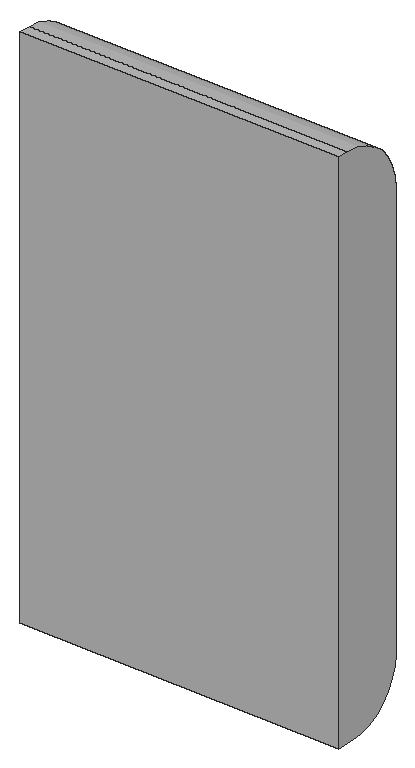
Revit family "Domotics-DomesticRanges-GEWISS-CHORUS_DATA-CONNECTOR_USB", category Apparecchi elettrici, host Muro, Revit 2016
Family settings
  Host = Muro
  Mantenere orientamento annotazione = Sì
  Tipo di parte = Normale
  Quota connettore circolare = Usa diametro
  Sempre verticale = Sì
  Taglio con vuoti quando caricato = No
  Condiviso = No
  Punto di calcolo locali = No
Parameters (values of type "GW14459 - USB socket outlet 1M Titanium")
  Version file RFA = "19.0"
  URL = "https://www.gewiss.com/ww/en"
  Technical sheet = "https://www.gewiss.com/ww/en/search?q=GW14459"
  Supply voltage = ""
  Simbolo [instance] = yes
  SEO = "Socket outlet"
  Realized by GEWISS S.p.A. = ""
  Produttore = "GEWISS S.p.A."
  Output voltage = ""
  No. Chorus modules: = "1"
  No. Chorus modules = "1"
  Modello = "GW14459"
  Max current supplied = ""
  Materiale = GEWISS TITANIO
  Larghezza = 27 mm
  Immagine tipo = GW14459.jpg
  IFC.TypeObject = ""
  IFC.ExportType = ""
  IFC.ExportAs = ""
  IDT = "ce8da596-15d8-4854-9f17-e6a31c73b8ce"
  IDF = "f0fdc250-31af-41ad-8c7f-b97bad5e82b7"
  Electrocod = "3720"
  EAN code = "8011564780774"
  Distanza orizzontale del simbolo [instance] = 35.887 mm
  Distanza dal muro [instance] = 4.208 mm
  Dettaglio tipi 2 -3 = yes
  Dettagli tipo 1 = no
  Descrizione = "USB SOCKET OUTLET 1M TITANIUM"
  Description: = "USB socket-outlet"
  Description. = "Socket-outlet"
  Cornice simbolo [instance] = yes
  Colour = "Titanium"
  Category = "Socket-outlet"
  Catalogue Range = "CHORUS - DOMESTIC RANGE"
  Catalogue = "DOMOTICS"
  COBie.Tagnumber = ""
  COBie.CreatedOn = ""
  COBie.CreatebBy = ""
  COBie.ComponentRegisterItemID = ""
  COBie.Component.TagNumber = ""
  COBie.Component.Space = ""
  COBie.Component.SerialNumber = ""
  COBie.Component.InstallationDate = ""
  COBie.Component.Description = ""
  COBie.Component.BarCode = ""
Types (3, lengths in mm): name | Technical sheet | Modello | Materiale | Immagine tipo | IDT | EAN code | Descrizione | Colour
  GW14459 - USB socket outlet 1M Titanium | "https://www.gewiss.com/ww/en/search?q=GW14459" | "GW14459" | GEWISS TITANIO | GW14459.jpg | "ce8da596-15d8-4854-9f17-e6a31c73b8ce" | "8011564780774" | "USB SOCKET OUTLET 1M TITANIUM" | "Titanium"
  GW10459 - USB socket outlet 1M White | "https://www.gewiss.com/ww/en/search?q=GW10459" | "GW10459" | GEWISS BIANCO | GW10459.jpg | "7d888232-8ec7-4a35-b61c-139c97acc0bf" | "8011564780750" | "USB SOCKET OUTLET 1M WHITE" | "White"
  GW12459 - USB socket outlet 1M Black | "https://www.gewiss.com/ww/en/search?q=GW12459" | "GW12459" | GEWISS NERO | GW12459.jpg | "23747a08-efe7-498b-9b62-d7e9671c0124" | "8011564780767" | "USB SOCKET OUTLET 1M BLACK" | "Black"
Reference planes
  plane 1 "Muro": y = 0
  plane 2 "Centro (Sinistra/Destra)": x = 125
  plane 3 "Indietro": y = 77.16
  plane 4: y = 83.136
  plane 5: x = 138.5
  plane 6: x = 111.5
  plane 7: x = 89.113
Forms (mm)
  Extrusion 1, solid, material "GEWISS TITANIO" <- "Materiale"
    sketch origin (130, 75.121, 973.832) x (0, 1, 0) y (0, 0, -1)
      loop
        arc (8.015, -30.756) -> (6.693, -27.565) -> (3.502, -26.243) r 4.513
        line (3.502, -26.243) -> (2.04, -26.243) -> (2.04, -71.092) -> (3.015, -71.092)
        arc (3.015, -71.092) -> (6.55, -69.628) -> (8.015, -66.092) r 5
        line (8.015, -66.092) -> (8.015, -30.756)
    from -8.5 to 18.5
Lines and regions (mm)
  model lines, detail levels medium+fine
    curve 1: line (115.69, 83.136, 1005.664) -> (134.31, 83.136, 1005.668)
    curve 2: line (134.31, 83.136, 1005.668) -> (134.31, 83.136, 1023.761)
    curve 3: line (134.31, 83.136, 1023.761) -> (115.69, 83.136, 1023.757)
    curve 4: line (115.69, 83.136, 1023.757) -> (115.69, 83.136, 1005.664)
    curve 5: line (114.24, 83.136, 1035.014) -> (114.24, 83.136, 1029.859)
    curve 6: line (114.24, 83.136, 1029.859) -> (135.76, 83.136, 1029.859)
    curve 7: line (135.76, 83.136, 1029.859) -> (135.76, 83.136, 1035.014)
    curve 8: line (135.76, 83.136, 1035.014) -> (130.27, 83.136, 1035.014)
    curve 9: line (130.27, 83.136, 1035.014) -> (130.27, 83.136, 1036.954)
    curve 10: line (130.27, 83.136, 1036.954) -> (119.73, 83.136, 1036.954)
    curve 11: line (119.73, 83.136, 1036.954) -> (119.73, 83.136, 1035.014)
    curve 12: line (119.73, 83.136, 1035.014) -> (114.24, 83.136, 1035.014)
  model lines, visible <- "Dettaglio tipi 2 -3", detail levels fine
    curve 13: line (117.14, 83.136, 1011.609) -> (132.86, 83.136, 1011.613)
    curve 14: line (132.86, 83.136, 1011.613) -> (132.86, 83.136, 1017.808)
    curve 15: line (132.86, 83.136, 1017.808) -> (117.14, 83.136, 1017.804)
    curve 16: line (117.14, 83.136, 1017.804) -> (117.14, 83.136, 1011.609)
    curve 17: line (117.916, 83.136, 1012.217) -> (117.916, 83.136, 1014.067)
    curve 18: line (117.916, 83.136, 1014.067) -> (132.083, 83.136, 1014.067)
    curve 19: line (132.083, 83.136, 1014.067) -> (132.083, 83.136, 1012.217)
    curve 20: line (132.083, 83.136, 1012.217) -> (117.916, 83.136, 1012.217)
Text (mm)
  text "Lato posizionamento" at (-1848.837, 1116.779, 0), in view "Livello rif."
  text "Lato posizionamento" at (0, 1409.804, 2854.306), in view "Sinistra"
  text "Lato posizionamento" at (0, 499.811, 2980.732), in view "Destra"
Dimensions and locks
  locked: plane 3 "Indietro" to host wall
  locked: plane 3 "Indietro" to plane 4 at 5.975
  equal spacing: plane 6, plane 2 "Centro (Sinistra/Destra)", plane 5
  "Larghezza": plane 6 to plane 5
  locked: curve 2 to plane 2 "Centro (Sinistra/Destra)" at 9.31
  equal spacing: curve 4, plane 2 "Centro (Sinistra/Destra)", curve 2
  locked: curve 14 to curve 2 at 1.45
  locked: curve 7 to plane 2 "Centro (Sinistra/Destra)" at 10.76
  locked: plane 2 "Centro (Sinistra/Destra)" to curve 5 at 10.76
  locked: curve 9 to plane 2 "Centro (Sinistra/Destra)" at 5.27
  locked: plane 2 "Centro (Sinistra/Destra)" to curve 11 at 5.27
  "Distanza orizzontale del simbolo": plane 7 to plane 2 "Centro (Sinistra/Destra)"
  aligned and locked: Extrusion 1 sketch curve to plane 4
  aligned and locked: plane 3 "Indietro" to Extrusion 1
  aligned and locked: Extrusion 1 to plane 5
  aligned and locked: Extrusion 1 to plane 6
  aligned and locked: plane 7 to nested 1
Automatic sketch dimensions
  Extrusion 1 sketch curve to host wall = 0 mm
  host wall to Extrusion 1 sketch curve = 0.975 mm
  host wall to Extrusion 1 sketch curve = 1.462 mm
  level to Extrusion 1 sketch curve = 1044.925 mm
  Extrusion 1 sketch curve to Extrusion 1 sketch curve = 35.336 mm
  curve 4 to Extrusion 1 = 1.076 mm
  curve 5 to Extrusion 1 = 4.91 mm
  curve 2 to Extrusion 1 = 1.08 mm
  curve 1 to curve 14 = 5.945 mm
  curve 13 to curve 19 = 0.604 mm
  curve 13 to curve 20 = 0.608 mm
  Extrusion 1 to curve 17 = 6.416 mm
  curve 19 to curve 18 = 1.85 mm
  curve 17 to curve 15 = 3.737 mm
  curve 18 to curve 15 = 3.741 mm
  curve 14 to curve 3 = 5.953 mm
  curve 7 to Extrusion 1 = 10.066 mm
  curve 7 to Extrusion 1 = 4.91 mm
  curve 11 to curve 10 = 1.94 mm
  curve 19 to curve 14 = 0.777 mm
  curve 13 to curve 17 = 0.776 mm
  curve 15 to curve 3 = 5.953 mm
Nested families
  nested 1: "SIMBOLO PRESA USB" at (89.113, 104.692, 0), Distanza dal muro <- "Distanza dal muro", BORDO ACCESO <- "Cornice simbolo", SIMBOLO <- "Simbolo", type "USB"
    with SIMBOLO yes, Distanza dal muro 4.208 mm, BORDO ACCESO yes
Definition of nested family "SIMBOLO PRESA USB"
  Parameters (values of type "USB")
    SIMBOLO [instance] = yes
    Distanza dal muro [instance] = 4.208 mm
    BORDO ACCESO [instance] = yes
  Reference planes
    plane 1: y = 0
    plane 2: x = 0
  Dimensions and locks
    "Distanza dal muro": plane 1 to nested 1
  Nested families
    nested 1: "SIMBOLO PRESA USB_BASE" at (0, 4.208, 0), BORDO ACCESO <- "BORDO ACCESO", visible <- "SIMBOLO", type "USB"
      with BORDO ACCESO yes
  Definition of nested family "SIMBOLO PRESA USB_BASE"
    Parameters (values of type "USB")
      Distanza dal muro = 4.208 mm
      BORDO ACCESO [instance] = yes
    Reference planes
      plane 1: y = 0
      plane 2: x = 0
    Lines and regions (mm)
      detail lines, visible <- "BORDO ACCESO"
        curve 1: line (-1, 2.5, 0) -> (1, 2.5, 0)
        curve 2: line (1, 2.5, 0) -> (1, 0, 0)
        curve 3: line (1, 0, 0) -> (-1, 0, 0)
        curve 4: line (-1, 0, 0) -> (-1, 2.5, 0)
        curve 5: line (-0.9, 2.4, 0) -> (0.9, 2.4, 0)
        curve 6: line (0.9, 2.4, 0) -> (0.9, 0.1, 0)
        curve 7: line (0.9, 0.1, 0) -> (-0.9, 0.1, 0)
        curve 8: line (-0.9, 0.1, 0) -> (-0.9, 2.4, 0)
      detail lines, visible <- "BORDO ACCESO", not visible
        curve 9: line (-1.743, 9.208, 0) -> (2.057, 9.208, 0)
        curve 10: line (2.057, 9.208, 0) -> (2.057, 4.208, 0)
        curve 11: line (2.057, 4.208, 0) -> (-1.743, 4.208, 0)
        curve 12: line (-1.743, 4.208, 0) -> (-1.743, 9.208, 0)
        curve 13: line (-1.543, 9.008, 0) -> (1.857, 9.008, 0)
        curve 14: line (1.857, 9.008, 0) -> (1.857, 4.408, 0)
        curve 15: line (1.857, 4.408, 0) -> (-1.543, 4.408, 0)
        curve 16: line (-1.543, 4.408, 0) -> (-1.543, 9.008, 0)
    Dimensions and locks
      aligned and locked: curve 3 to plane 1
